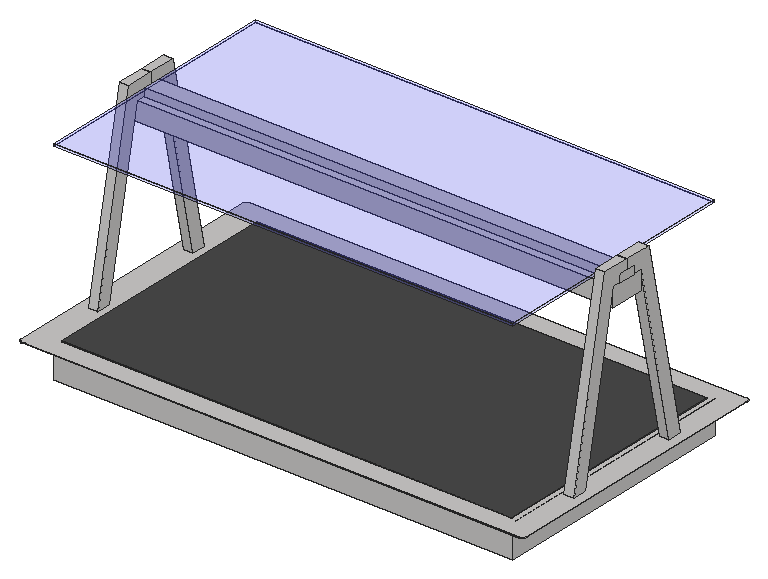
Revit family "QF_ELECTROLUXPROFESSIONAL_CC0HN5_CC0HN5", category Specialty Equipment, Revit 2023
Family settings
  Round Connector Dimension = Use Diameter
  Part Type = Normal
  Work Plane-Based = No
  Enable Cutting in Views = No
  Always vertical = Yes
  Cut with Voids When Loaded = No
  Maintain Annotation Orientation = No
  Shared = No
  Room Calculation Point = No
Parameters (values of type "Standard")
  Weight = 38.10 kg
  Watts = 0 W
  Volts = 220 V
  URL Manufacturer = "https://www.electroluxprofessional.com/"
  URL = "https://www.electroluxprofessional.com/"
  Steam Supply Size = 0 mm
  Steam Supply Minimum Pressure = 0.0 Pa
  Steam Supply Maximum Pressure = 0.0 Pa
  Steam Consumption per Hour = 0
  Refrigeration Suction Line Size = 0 mm
  Refrigeration Liquid Line Size = 0 mm
  Refrigerant Compressor Remote = yes
  Default Elevation = 0 mm
  Manufacturer = "Electrolux Professional"
  Phase = 1
  Model = "CC0HN5"
  Length Actual = 1100 mm  # constant formula
  Item Number = "CC0HN5"
  Hot Water Size = 0 mm
  Height Actual = 484 mm  # constant formula
  HP = "0 HP"
  Gas Size = 0 mm
  Gas KW = 0
  Gas Input Pressure = 0 W
  Direct Waste Size = 0 mm
  Description = "DROP-IN TEMPERED GLASS TOP, 3GN WITH A TYPE OVERSHELF AND HALOGEN LAMP"
  Depth Actual = 620 mm  # constant formula
  Cycle = 50 Hz
  Condensate Return Size = 0 mm
  Compressed Air Volume = 0.0 L/s
  Compressed Air Size = 0 mm
  Compressed Air Pressure = 0.0 Pa
  Cold Water Size = 0 mm
  Accessory = yes
Reference planes
  plane 1 "BACK": y = 0
  plane 2: z = 5.426
  plane 3 "LEFT": x = 0
  plane 4: y = -620
  plane 5: z = 409.426
  plane 6: y = -310
Forms (mm)
  Extrusion 1, solid, material "QF_Finishes_Stainless Steel"
    sketch origin (0, 0, 5.426) x (1, 0, 0) y (0, 1, 0)
      loop
        arc (10, 0) -> (2.929, -2.929) -> (0, -10) r 10
        line (0, -10) -> (0, -610)
        arc (0, -610) -> (2.929, -617.071) -> (10, -620) r 10
        line (10, -620) -> (1090, -620)
        arc (1090, -620) -> (1097.071, -617.071) -> (1100, -610) r 10
        line (1100, -610) -> (1100, -10)
        arc (1100, -10) -> (1097.071, -2.929) -> (1090, 0) r 10
        line (1090, 0) -> (10, 0)
    from 0 to 1
  Extrusion 2, solid, material "QF_Finishes_Stainless Steel"
    sketch origin (0, 0, 184.548) x (1, 0, 0) y (0, 1, 0)
      loop
        line (50, -35) -> (50, -585) -> (1050, -585) -> (1050, -35) -> (50, -35)
    from -251.122 to -179.122
  Extrusion 3, solid, material "QF_Finishes_Stainless Steel"
    sketch origin (21.5, -620, 0) x (0, -1, 0) y (0, 0, -1)
      loop
        line (-310, -409.426) -> (-250.873, -409.426) -> (-165, -5.426) -> (-195, -5.426) -> (-272.583, -370.426) -> (-310, -370.426) -> (-310, -409.426)
    from 0 to 20
  Extrusion 4, solid, material "QF_Finishes_Stainless Steel"
    sketch origin (21.5, 0, 0) x (0, 1, 0) y (0, 0, 1)
      loop
        line (-310, 409.426) -> (-310, 370.426) -> (-272.583, 370.426) -> (-195, 5.426) -> (-165, 5.426) -> (-250.873, 409.426) -> (-310, 409.426)
    from 0 to 20
  Extrusion 5, solid, material "QF_Finishes_Stainless Steel"
    sketch origin (1078, -620, 0) x (0, -1, 0) y (0, 0, 1)
      loop
        line (-310, 409.426) -> (-310, 370.426) -> (-272.583, 370.426) -> (-195, 5.426) -> (-165, 5.426) -> (-250.873, 409.426) -> (-310, 409.426)
    from 0 to 20
  Extrusion 6, solid, material "QF_Finishes_Stainless Steel"
    sketch origin (1078, 0, 0) x (0, 1, 0) y (0, 0, -1)
      loop
        line (-310, -409.426) -> (-250.873, -409.426) -> (-165, -5.426) -> (-195, -5.426) -> (-272.583, -370.426) -> (-310, -370.426) -> (-310, -409.426)
    from 0 to 20
  Extrusion 7, solid, material "QF_Finishes_Stainless Steel"
    sketch origin (0, 0, 0) x (0, 1, 0) y (0, 0, 1)
      loop
        line (-291.292, 370.426) -> (-291.292, 387.956) -> (-328.917, 387.956) -> (-328.917, 370.426) -> (-291.292, 370.426)
    from 21.5 to 1078
  Extrusion 8, solid, material "Vetro"
    sketch origin (0, 0, 5.426) x (1, 0, 0) y (0, 1, 0)
      loop
        line (50, -35) -> (50, -585) -> (1050, -585) -> (1050, -35) -> (50, -35)
    from 382.529 to 387.529
  Extrusion 9, solid, material "QF_Finishes_Stainless Steel"
    sketch origin (0, 0, 0) x (0, 1, 0) y (0, 0, 1)
      loop
        line (-272.583, 370.426) -> (-347.583, 370.426) -> (-347.583, 330.426) -> (-272.583, 330.426) -> (-272.583, 370.426)
    from 21.5 to 1078
  Extrusion 10, solid, material "QF_Finishes_Stainless Steel"
    sketch origin (34.947, 0, 0) x (0, 1, 0) y (0, 0, 1)
      loop
        line (-280.414, 330.426) -> (-340.414, 330.426) -> (-340.414, 325.426) -> (-280.414, 325.426) -> (-280.414, 330.426)
    from 113.553 to 313.553
  Extrusion 11, solid, material "QF_Finishes_Stainless Steel"
    sketch origin (769.053, 0, 0) x (0, 1, 0) y (0, 0, -1)
      loop
        line (-280.414, -330.426) -> (-280.414, -325.426) -> (-340.414, -325.426) -> (-340.414, -330.426) -> (-280.414, -330.426)
    from 113.553 to 313.553
  Extrusion 12, solid, material "QF_Finishes_Stainless Steel"
    sketch origin (650.947, 0, 0) x (0, 1, 0) y (0, 0, 1)
      loop
        line (-280.414, 330.426) -> (-340.414, 330.426) -> (-340.414, 325.426) -> (-280.414, 325.426) -> (-280.414, 330.426)
    from 113.553 to 313.553
  Extrusion 13, solid, material "QF_Finishes_Black"
    sketch origin (0, 0, 6.426) x (1, 0, 0) y (0, 1, 0)
      loop
        line (60, -45) -> (60, -575) -> (1040, -575) -> (1040, -45) -> (60, -45)
    from 0 to 1
  Extrusion 14, solid, material "QF_Finishes_Stainless Steel"
    sketch origin (1012.404, 17.714, -99.574) x (1, 0, 0) y (0, 1, 0)
      loop
        line (-392.404, -132.714) -> (-392.404, -152.714) -> (-372.404, -152.714) -> (-372.404, -132.714) -> (-392.404, -132.714)
    from 0 to 33
Dimensions and locks
  equal spacing: Extrusion 1, Extrusion 2 sketch curve, Extrusion 2 sketch curve, Extrusion 1  (x2)
  Extrusion 1 to Extrusion 1 = 1100 mm
  Extrusion 1 to plane 1 "BACK" = 620 mm
  plane 5 to plane 2 = 404 mm
  equal spacing: Extrusion 8, Extrusion 13 sketch curve, Extrusion 13 sketch curve, Extrusion 8  (x2)
  aligned and locked: level to plane 2
Connectors
  electrical at (630, -125, -99.574)
    settings: on Extrusion 14, index 5, voltage 0 V, apparent load 0 VA, apparent load phase1 0 VA, apparent load phase2 0 VA, apparent load phase3 0 VA, power factor 1, load classification "Altro", number of poles 1, system type 30, power factor state 1, is connector primary yes, connector utility no, sub classification motor no, connector description "EI"
